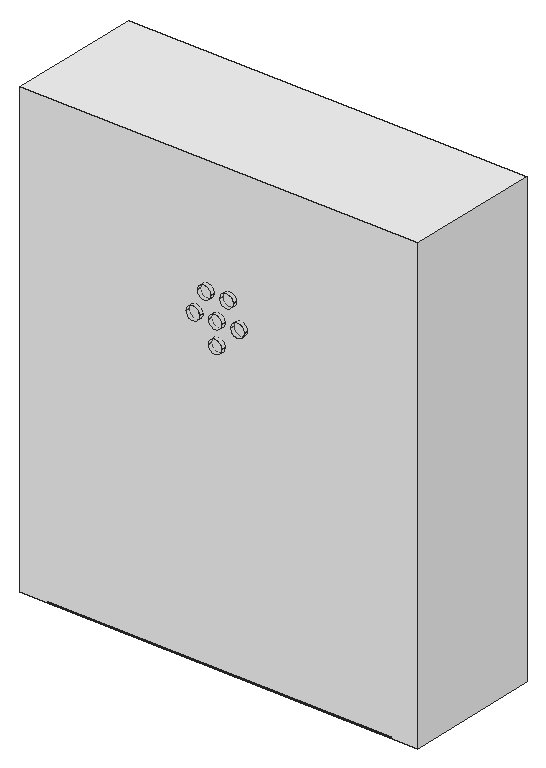
Revit family "НЕВАТОМ_Щит приточно-вытяжной вентиляцией ABUm-PE-1-ZM, Версия 1", category Электрооборудование, Revit 2017
Family settings
  Конфигурация панели = Два столбца, слева направо
  Размер круглого соединителя = Использовать диаметр
  Тип детали = Щит
  На основе рабочей плоскости = Нет
  Всегда вертикально = Да
  При загрузке вырезать с полостями = Нет
  Общий = Нет
  Точка расчета площади = Нет
Parameters (values of type "ABUm-РE-1-ZM-7,5/7,5-120/5")
  Voltage = ""
  НЕВАТОМ_Преобразователь частоты Danfoss, кВт = "ND-051 7,5 кВт для 3 фазы"
  НЕВАТОМ_Ориентировочная мощность двигателя = 7.5 kW
  НЕВАТОМ_Номинальный ток двигателя = 18 A
  НЕВАТОМ_Максимальная мощность нагревателя = 120 kW
  НЕВАТОМ_Количество ступеней нагревателя = 5
  built-in parameter 1140083 [instance] = "металлический"  # constant formula
  ADSK_Размер_Ширина = 300 mm
  ADSK_Размер_Длина = 880 mm
  ADSK_Размер_Высота = 1000 mm
  ADSK_Примечание = ""
  ADSK_Позиция = ""
  ADSK_Напряжение = 380 V
  ADSK_Наименование = "ABUm-РE-1-ZM-7,5/7,5-120/5"
  ADSK_Марка = ADSK_Наименование  # "ABUm-РE-1-ZM-7,5/7,5-120/5"
  ADSK_Количество = 1  # constant formula
  ADSK_Код изделия = ""
  ADSK_Завод-изготовитель = "НЕВАТОМ"  # constant formula
  ADSK_Единица измерения = "шт."  # constant formula
  ADSK_URL документации изделия = ""
Types (27, lengths in mm): name | НЕВАТОМ_Преобразователь частоты Danfoss, кВт | НЕВАТОМ_Ориентировочная мощность двигателя | НЕВАТОМ_Номинальный ток двигателя | НЕВАТОМ_Максимальная мощность нагревателя | НЕВАТОМ_Количество ступеней нагревателя | ADSK_Размер_Ширина | ADSK_Размер_Длина | ADSK_Размер_Высота | ADSK_Наименование | ADSK_Марка
  (no name) | "ND-051 7,5 кВт для 3 фазы" | 7.5 kW | 18 A | 120 kW | 5 | 300 | 880 | 1000 | "ABUm-РE-1-ZM-7,5/7,5-120/5" | "ABUm-РE-1-ZM-7,5/7,5-120/5"
  ABUm-РE-1-ZM-0,35/0,35-4,5/1 | "ND-051 0,37 кВт для 3 фазы" | 0.37 kW | 1.6 A | 4.5 kW | 1 | 200 | 680 | 800 | "ABUm-РE-1-ZM-0,35/0,35-4,5/1" | "ABUm-РE-1-ZM-0,35/0,35-4,5/1"
  ABUm-РE-1-ZM-0,75/0,75-4,5/1 | "ND-051 0,75 кВт для 3 фазы" | 0.75 kW | 2.5 A | 4.5 kW | 1 | 200 | 680 | 800 | "ABUm-РE-1-ZM-0,75/0,75-4,5/1" | "ABUm-РE-1-ZM-0,75/0,75-4,5/1"
  ABUm-РE-1-ZM-0,35/0,35-6/1 | "ND-051 0,37 кВт для 3 фазы" | 0.37 kW | 1.6 A | 6 kW | 1 | 200 | 680 | 800 | "ABUm-РE-1-ZM-0,35/0,35-6/1" | "ABUm-РE-1-ZM-0,35/0,35-6/1"
  ABUm-РE-1-ZM-0,75/0,75-6/1 | "ND-051 0,75 кВт для 3 фазы" | 0.75 kW | 2.5 A | 6 kW | 1 | 200 | 680 | 800 | "ABUm-РE-1-ZM-0,75/0,75-6/1" | "ABUm-РE-1-ZM-0,75/0,75-6/1"
  ABUm-РE-1-ZM-0,35/0,35-7,5/1 | "" | 0 kW | 0 A | 0 kW | 0 | 200 | 680 | 800 | "ABUm-РE-1-ZM-0,35/0,35-7,5/1" | "ABUm-РE-1-ZM-0,35/0,35-7,5/1"
  ABUm-РE-1-ZM-0,75/0,75-7,5/1 | "ND-051 0,75 кВт для 3 фазы" | 0.75 kW | 2.5 A | 7.5 kW | 1 | 200 | 680 | 800 | "ABUm-РE-1-ZM-0,75/0,75-7,5/1" | "ABUm-РE-1-ZM-0,75/0,75-7,5/1"
  ABUm-РE-1-ZM-0,35/0,35-12/2 | "ND-051 0,37 кВт для 3 фазы" | 0.37 kW | 1.6 A | 12 kW | 2 | 200 | 680 | 800 | "ABUm-РE-1-ZM-0,35/0,35-12/2" | "ABUm-РE-1-ZM-0,35/0,35-12/2"
  ABUm-РE-1-ZM-0,75/0,75-12/2 | "ND-051 0,75 кВт для 3 фазы" | 0.75 kW | 2.5 A | 12 kW | 2 | 200 | 680 | 800 | "ABUm-РE-1-ZM-0,75/0,75-12/2" | "ABUm-РE-1-ZM-0,75/0,75-12/2"
  ABUm-РE-1-ZM-0,35/0,35-15/2 | "ND-051 0,37 кВт для 3 фазы" | 0 kW | 0 A | 0 kW | 0 | 200 | 680 | 800 | "ABUm-РE-1-ZM-0,35/0,35-15/2" | "ABUm-РE-1-ZM-0,35/0,35-15/2"
  ABUm-РE-1-ZM-0,75/0,75-15/2 | "ND-051 0,75 кВт для 3 фазы" | 0 kW | 0 A | 0 kW | 0 | 200 | 680 | 800 | "ABUm-РE-1-ZM-0,75/0,75-15/2" | "ABUm-РE-1-ZM-0,75/0,75-15/2"
  ABUm-РE-1-ZM-0,75/0,75-22,5/2 | "ND-051 0,75 кВт для 3 фазы" | 0.75 kW | 2.5 A | 22.5 kW | 2 | 200 | 680 | 800 | "ABUm-РE-1-ZM-0,75/0,75-22,5/2" | "ABUm-РE-1-ZM-0,75/0,75-22,5/2"
  ABUm-РE-1-ZM-1,5/1,5-22,5/2 | "ND-051 1,5 кВт для 3 фазы" | 1.5 kW | 4 A | 22.5 kW | 2 | 200 | 680 | 800 | "ABUm-РE-1-ZM-1,5/1,5-22,5/2" | "ABUm-РE-1-ZM-1,5/1,5-22,5/2"
  ABUm-РE-1-ZM-1,5/1,5-30/2 | "ND-051 1,5 кВт для 3 фазы" | 1.5 kW | 4 A | 30 kW | 2 | 200 | 680 | 800 | "ABUm-РE-1-ZM-1,5/1,5-30/2" | "ABUm-РE-1-ZM-1,5/1,5-30/2"
  ABUm-РE-1-ZM-2,2/2,2-30/2 | "ND-051 2,2 кВт для 3 фазы" | 2.2 kW | 6 A | 30 kW | 2 | 200 | 680 | 800 | "ABUm-РE-1-ZM-2,2/2,2-30/2" | "ABUm-РE-1-ZM-2,2/2,2-30/2"
  ABUm-РE-1-ZM-1,5/1,5-37,5/3 | "ND-051 1,5 кВт для 3 фазы" | 1.5 kW | 4 A | 37.5 kW | 3 | 200 | 680 | 800 | "ABUm-РE-1-ZM-1,5/1,5-37,5/3" | "ABUm-РE-1-ZM-1,5/1,5-37,5/3"
  ABUm-РE-1-ZM-2,2/2,2-37,5/3 | "ND-051 2,2 кВт для 3 фазы" | 2.2 kW | 6 A | 37.5 kW | 3 | 200 | 680 | 800 | "ABUm-РE-1-ZM-2,2/2,2-37,5/3" | "ABUm-РE-1-ZM-2,2/2,2-37,5/3"
  ABUm-РE-1-ZM-2,2/2,2-45/3 | "ND-051 2,2 кВт для 3 фазы" | 2.2 kW | 6 A | 45 kW | 3 | 200 | 680 | 800 | "ABUm-РE-1-ZM-2,2/2,2-45/3" | "ABUm-РE-1-ZM-2,2/2,2-45/3"
  ABUm-РE-1-ZM-4,0/4,0-45/3 | "ND-051 4,0 кВт для 3 фазы" | 0 kW | 0 A | 0 kW | 3 | 200 | 680 | 800 | "ABUm-РE-1-ZM-4,0/4,0-45/3" | "ABUm-РE-1-ZM-4,0/4,0-45/3"
  ABUm-РE-1-ZM-4,0/4,0-60/4 | "ND-051 4,0 кВт для 3 фазы" | 4 kW | 10 A | 60 kW | 4 | 200 | 680 | 800 | "ABUm-РE-1-ZM-4,0/4,0-60/4" | "ABUm-РE-1-ZM-4,0/4,0-60/4"
  ABUm-РE-1-ZM-4,0/4,0-75/5 | "ND-051 4,0 кВт для 3 фазы" | 4 kW | 10 A | 75 kW | 5 | 300 | 880 | 1000 | "ABUm-РE-1-ZM-4,0/4,0-75/5" | "ABUm-РE-1-ZM-4,0/4,0-75/5"
  ABUm-РE-1-ZM-5,5/5,5-75/5 | "ND-051 5,5 кВт для 3 фазы" | 0 kW | 0 A | 0 kW | 0 | 300 | 880 | 1000 | "ABUm-РE-1-ZM-5,5/5,5-75/5" | "ABUm-РE-1-ZM-5,5/5,5-75/5"
  ABUm-РE-1-ZM-5,5/5,5-90/5 | "ND-051 5,5 кВт для 3 фазы" | 5.5 kW | 13 A | 90 kW | 5 | 300 | 880 | 1000 | "ABUm-РE-1-ZM-5,5/5,5-90/5" | "ABUm-РE-1-ZM-5,5/5,5-90/5"
  ABUm-РE-1-ZM-7,5/7,5-90/5 | "ND-051 7,5 кВт для 3 фазы" | 7.5 kW | 18 A | 90 kW | 5 | 300 | 880 | 1000 | "ABUm-РE-1-ZM-7,5/7,5-90/5" | "ABUm-РE-1-ZM-7,5/7,5-90/5"
  ABUm-РE-1-ZM-7,5/7,5-120/5 | "ND-051 7,5 кВт для 3 фазы" | 7.5 kW | 18 A | 120 kW | 5 | 300 | 880 | 1000 | "ABUm-РE-1-ZM-7,5/7,5-120/5" | "ABUm-РE-1-ZM-7,5/7,5-120/5"
  ABUm-РE-1-ZM-15/15-120/5 | "ND-051 15 кВт для 3 фазы" | 15 kW | 32 A | 120 kW | 5 | 300 | 880 | 1000 | "ABUm-РE-1-ZM-15/15-120/5" | "ABUm-РE-1-ZM-15/15-120/5"
  ABUm-РE-1-ZM-5,5/5,5-60/4 | "ND-051 5,5 кВт для 3 фазы" | 5.5 kW | 13 A | 60 kW | 4 | 200 | 680 | 800 | "ABUm-РE-1-ZM-5,5/5,5-60/4" | "ABUm-РE-1-ZM-5,5/5,5-60/4"
Reference planes
  plane 1 "По центру (Вперед/Назад)": y = 0
  plane 2: z = 0
  plane 3 "По центру (Влево/Вправо)": x = 0
  plane 4: y = 150
  plane 5: y = -150
  plane 6: x = -440
  plane 7: x = 440
  plane 8: z = 1000
Forms (mm)
  Extrusion 1, solid, material "Условный материал-отделка"
    sketch origin (0, 0, 0) x (1, 0, 0) y (0, 1, 0)
      loop
        line (-440, 150) -> (-440, -150) -> (440, -150) -> (440, 150) -> (-440, 150)
    from 0 to 1000
  Extrusion 2, solid
    sketch origin (-495, 0, 0) x (1, 0, 0) y (0, 1, 0)
      loop
        line (116.585, 110) -> (116.585, -150) -> (874.424, -150) -> (874.424, 110) -> (116.585, 110)
    from 0 to 2
  Extrusion 3, solid, not visible
    sketch origin (0, 0, -55) x (1, 0, 0) y (0, 0, 1)
      loop
        circle (0, 596.548) r 15
    from 100 to 110
  Extrusion 4, solid, not visible
    sketch origin (45, 0, -55) x (1, 0, 0) y (0, 0, 1)
      loop
        circle (0, 596.548) r 15
    from 100 to 110
  Extrusion 5, solid, not visible
    sketch origin (-45, 0, -55) x (-1, 0, 0) y (0, 0, -1)
      loop
        circle (0, -596.548) r 15
    from 100 to 110
  Extrusion 6, solid, not visible
    sketch origin (0, 0, -110) x (1, 0, 0) y (0, 0, 1)
      loop
        circle (0, 596.548) r 15
    from 100 to 110
  Extrusion 7, solid, not visible
    sketch origin (45, 0, -110) x (1, 0, 0) y (0, 0, 1)
      loop
        circle (0, 596.548) r 15
    from 100 to 110
  Extrusion 8, solid, not visible
    sketch origin (-45, 0, -110) x (-1, 0, 0) y (0, 0, -1)
      loop
        circle (0, -596.548) r 15
    from 100 to 110
  Extrusion 9, solid, not visible
    sketch origin (100, 0, -110) x (1, 0, 0) y (0, 0, 1)
      loop
        circle (0, 596.548) r 15
    from 100 to 110
  Extrusion 10, solid, not visible
    sketch origin (-100, 0, -110) x (-1, 0, 0) y (0, 0, -1)
      loop
        circle (0, -596.548) r 15
    from 100 to 110
  Extrusion 11, solid, not visible
    sketch origin (30.372, 0, -158.754) x (1, 0, 0) y (0, 0, 1)
      loop
        circle (0, 596.548) r 15
    from 100 to 110
  Extrusion 12, solid, not visible
    sketch origin (-30.372, 0, -158.754) x (-1, 0, 0) y (0, 0, -1)
      loop
        circle (0, -596.548) r 15
    from 100 to 110
  Extrusion 13, solid, not visible
    sketch origin (30.372, 0, -208.754) x (1, 0, 0) y (0, 0, 1)
      loop
        circle (0, 596.548) r 15
    from 100 to 110
  Extrusion 14, solid, not visible
    sketch origin (-30.372, 0, -208.754) x (-1, 0, 0) y (0, 0, -1)
      loop
        circle (0, -596.548) r 15
    from 100 to 110
  Extrusion 15, solid, material "Стекло"
    sketch origin (25, 0, 0) x (1, 0, 0) y (0, 0, 1)
      loop
        circle (0, 742.901) r 15
    from 150 to 160
  Extrusion 16, solid, material "Стекло"
    sketch origin (25, 0, 0) x (-1, 0, 0) y (0, 0, -1)
      loop
        circle (49.336, -742.623) r 15
    from 150 to 160
  Extrusion 17, solid, material "Стекло"
    sketch origin (-49.336, 0, -50) x (-1, 0, 0) y (0, 0, -1)
      loop
        circle (0, -742.901) r 15
    from 150 to 160
  Extrusion 18, solid, material "Стекло"
    sketch origin (49.336, 0, -50) x (1, 0, 0) y (0, 0, 1)
      loop
        circle (0, 742.901) r 15
    from 150 to 160
  Extrusion 19, solid, material "Стекло"
    sketch origin (49.336, 0, -50) x (-1, 0, 0) y (0, 0, -1)
      loop
        circle (49.336, -742.623) r 15
    from 150 to 160
  Extrusion 20, solid, material "Стекло"
    sketch origin (0, 0, -99.336) x (1, 0, 0) y (0, 0, 1)
      loop
        circle (0, 742.901) r 15
    from 150 to 160
Dimensions and locks
  equal spacing: plane 6, plane 3 "По центру (Влево/Вправо)", plane 7
  equal spacing: plane 4, plane 1 "По центру (Вперед/Назад)", plane 5
  "ADSK_Размер_Ширина": plane 4 to plane 5
  "ADSK_Размер_Длина": plane 6 to plane 7
  "ADSK_Размер_Высота": plane 8 to level
  locked: Extrusion 1 to Extrusion 15 at 10
  locked: Extrusion 1 to Extrusion 16 at 10
  locked: Extrusion 1 to Extrusion 17 at 10  (x7)
  locked: Extrusion 19 to Extrusion 19 at 10  (x3)
  locked: Extrusion 18 to Extrusion 1 at 10
  locked: Extrusion 1 to Extrusion 20 at 10
  radius of Extrusion 3 sketch curve = 15 mm
  radius of Extrusion 4 sketch curve = 15 mm
  radius of Extrusion 5 sketch curve = 15 mm
  radius of Extrusion 6 sketch curve = 15 mm
  radius of Extrusion 7 sketch curve = 15 mm
  radius of Extrusion 8 sketch curve = 15 mm
  radius of Extrusion 9 sketch curve = 15 mm
  radius of Extrusion 10 sketch curve = 15 mm
  radius of Extrusion 11 sketch curve = 15 mm
  radius of Extrusion 12 sketch curve = 15 mm
  radius of Extrusion 13 sketch curve = 15 mm
  radius of Extrusion 14 sketch curve = 15 mm
  aligned and locked: level to plane 2
  aligned and locked: Extrusion 1 sketch curve to plane 4
  aligned and locked: plane 7 to Extrusion 1 sketch curve
  aligned and locked: Extrusion 1 sketch curve to plane 6
  aligned and locked: Extrusion 1 to plane 5
  aligned and locked: Extrusion 1 to plane 8
  aligned and locked: plane 5 to Extrusion 15
  aligned and locked: Extrusion 16 to plane 5
  aligned and locked: Extrusion 17 to plane 5
  aligned and locked: Extrusion 2 to plane 5
  aligned and locked: plane 5 to Extrusion 19
  aligned and locked: plane 5 to Extrusion 18
  aligned and locked: nested 1 to plane 6
  aligned and locked: plane 5 to Extrusion 20
Automatic sketch dimensions
  Extrusion 1 sketch curve to plane 5 = 0 mm
  Extrusion 2 sketch curve to plane 5 = 0 mm
  Extrusion 2 sketch curve to plane 6 = 61.585 mm
  plane 7 to Extrusion 2 sketch curve = 60.576 mm
  Extrusion 2 sketch curve to plane 4 = 40 mm
  plane 3 "По центру (Влево/Вправо)" to Extrusion 15 sketch curve = 25 mm
  plane 8 to Extrusion 15 sketch curve = 257.099 mm
  plane 3 "По центру (Влево/Вправо)" to Extrusion 16 sketch curve = 24.336 mm
  Extrusion 16 sketch curve to plane 8 = 257.377 mm
  plane 3 "По центру (Влево/Вправо)" to Extrusion 17 sketch curve = 49.336 mm
  Extrusion 17 sketch curve to plane 8 = 307.099 mm
  plane 3 "По центру (Влево/Вправо)" to Extrusion 18 sketch curve = 49.336 mm
  plane 8 to Extrusion 18 sketch curve = 307.099 mm
  Extrusion 19 sketch curve to plane 3 "По центру (Влево/Вправо)" = 0 mm
  Extrusion 19 sketch curve to plane 8 = 307.377 mm
  Extrusion 20 sketch curve to plane 3 "По центру (Влево/Вправо)" = 0 mm
  plane 8 to Extrusion 20 sketch curve = 356.435 mm
  radius of Extrusion 15 sketch curve = 15 mm
  radius of Extrusion 16 sketch curve = 15 mm
  radius of Extrusion 17 sketch curve = 15 mm
  radius of Extrusion 18 sketch curve = 15 mm
  radius of Extrusion 19 sketch curve = 15 mm
  radius of Extrusion 20 sketch curve = 15 mm
Nested families
  nested 1: "НЕВАТОМ_Радиатор 3SSR" at (-480, 0, 600) x (0, 1, 0) z (0, 0, 1), type "Радиатор для 3-фазного твердотельного реле 3SSR"
Connectors
  electrical at (0.504, -20, 2), driven by "ADSK_Напряжение"
    settings: on Extrusion 2, index 1, voltage 380 V, apparent load 0 VA, apparent load phase1 0 VA, apparent load phase2 0 VA, apparent load phase3 0 VA, power factor 1, load classification "Прочее", number of poles 1, system type 31, power factor state 1, is connector primary yes, connector utility no, sub classification motor no, connector description ""
Definition of nested family "НЕВАТОМ_Радиатор 3SSR"
  Parameters (values of type "Радиатор для 3-фазного твердотельного реле 3SSR")
    Default Elevation = 1219.2 mm
    Материал = none
    ADSK_Позиция = ""
    ADSK_Обозначение = ""
    ADSK_Наименование = "Радиатор 3SSR"  # constant formula
    ADSK_Материал наименование = ""
    ADSK_Масса = 0
    ADSK_Количество = 1
    ADSK_Код изделия = ""
    ADSK_Завод-изготовитель = "ARK7"  # constant formula
    ADSK_Единица измерения = "шт."  # constant formula
    ADSK_URL страницы изделия = ""
  Reference planes
    plane 1 "По центру (Вперед/Назад)": y = 0
    plane 2: z = 0
    plane 3 "По центру (Влево/Вправо)": x = 0
  Forms (mm)
    Extrusion 1, solid, material <- "Материал"
      sketch origin (0, 0, 0) x (1, 0, 0) y (0, 1, 0)
        loop
          line (-10.033, 35.034) -> (-10.033, -35) -> (10.025, -35) -> (10.025, 35.034) -> (-10.033, 35.034)
        loop
          line (-15.033, 35.034) -> (-15.033, 24.073) -> (-39.49, 24.073) -> (-39.49, 22.049) -> (-15.033, 22.049) -> (-15.033, 12.535) -> (-39.49, 12.535) -> (-39.49, 10.54) -> (-15.033, 10.54) -> (-15.033, 1.009) -> (-39.49, 1.009) -> (-39.49, -1.015) -> (-15.033, -1.015) -> (-15.033, -10.551) -> (-39.49, -10.551) -> (-39.49, -12.512) -> (-15.033, -12.512) -> (-15.033, -22.046) -> (-39.49, -22.046) -> (-39.49, -24.001) -> (-15.033, -24.001) -> (-15.033, -35) -> (-32.013, -35) -> (-32.013, -33.017) -> (-40, -33.017) -> (-40, -35) -> (-50, -35) -> (-50, -40) -> (50, -40) -> (50, -35) -> (40, -35) -> (40, -33.017) -> (32.031, -33.017) -> (32.031, -35) -> (15.025, -35) -> (15.025, -24.001) -> (39.545, -24.001) -> (39.545, -22.046) -> (15.025, -22.046) -> (15.025, -12.512) -> (39.545, -12.512) -> (39.545, -10.551) -> (15.025, -10.551) -> (15.025, -1.015) -> (39.545, -1.015) -> (39.545, 1.009) -> (15.025, 1.009) -> (15.025, 10.54) -> (39.545, 10.54) -> (39.545, 12.535) -> (15.025, 12.535) -> (15.025, 22.049) -> (39.545, 22.049) -> (39.545, 24.073) -> (15.025, 24.073) -> (15.025, 35.034) -> (40, 35.034) -> (40, 40) -> (-40, 40) -> (-40, 35.034) -> (-15.033, 35.034)
        loop
          circle (-36.032, -35.776) r 1.572
        loop
          circle (36.007, -35.816) r 1.634
        loop
          circle (35.983, 36.776) r 1.181
        loop
          circle (-35.971, 36.769) r 1.244
      from 0 to 105
  Lines and regions (mm)
    reference lines
      curve 1: line (0, -40, 0) -> (-50, -40, 0)
      curve 2: line (0, -40, 0) -> (50, -40, 0)
      curve 3: line (-50, -40, 0) -> (-50, -35, 0)
      curve 4: line (-50, -35, 0) -> (-40, -35, 0)
      curve 5: line (-40, -35, 0) -> (-40, -33.017, 0)
      curve 6: line (-40, -33.017, 0) -> (-32.013, -33.017, 0)
      curve 7: line (-32.013, -33.017, 0) -> (-32.013, -35, 0)
      curve 8: line (-32.013, -35, 0) -> (-15.033, -35, 0)
      curve 9: line (50, -40, 0) -> (50, -35, 0)
      curve 10: line (50, -35, 0) -> (40, -35, 0)
      curve 11: line (40, -35, 0) -> (40, -33.017, 0)
      curve 12: line (40, -33.017, 0) -> (32.031, -33.017, 0)
      curve 13: line (32.031, -33.017, 0) -> (32.031, -35, 0)
      curve 14: line (32.031, -35, 0) -> (15.025, -35, 0)
      curve 15: line (-15.033, -35, 0) -> (-15.033, -24.001, 0)
      curve 16: line (15.025, -35, 0) -> (15.025, -24.001, 0)
      curve 17: line (-15.033, -24.001, 0) -> (-39.49, -24.001, 0)
      curve 18: line (-39.49, -24.001, 0) -> (-39.49, -22.046, 0)
      curve 19: line (-39.49, -22.046, 0) -> (-15.033, -22.046, 0)
      curve 20: line (15.025, -24.001, 0) -> (39.545, -24.001, 0)
      curve 21: line (39.545, -24.001, 0) -> (39.545, -22.046, 0)
      curve 22: line (39.545, -22.046, 0) -> (15.025, -22.046, 0)
      curve 23: line (-15.033, -22.046, 0) -> (-15.033, -12.512, 0)
      curve 24: line (-15.033, -12.512, 0) -> (-39.49, -12.512, 0)
      curve 25: line (-39.49, -12.512, 0) -> (-39.49, -10.551, 0)
      curve 26: line (-39.49, -10.551, 0) -> (-15.033, -10.551, 0)
      curve 27: line (15.025, -22.046, 0) -> (15.025, -12.512, 0)
      curve 28: line (15.025, -12.512, 0) -> (39.545, -12.512, 0)
      curve 29: line (39.545, -12.512, 0) -> (39.545, -10.551, 0)
      curve 30: line (39.545, -10.551, 0) -> (15.025, -10.551, 0)
      curve 31: line (-15.033, -10.551, 0) -> (-15.033, -1.015, 0)
      curve 32: line (-15.033, -1.015, 0) -> (-39.49, -1.015, 0)
      curve 33: line (-39.49, -1.015, 0) -> (-39.49, 1.009, 0)
      curve 34: line (-39.49, 1.009, 0) -> (-15.033, 1.009, 0)
      curve 35: line (15.025, -10.551, 0) -> (15.025, -1.015, 0)
      curve 36: line (15.025, -1.015, 0) -> (39.545, -1.015, 0)
      curve 37: line (39.545, -1.015, 0) -> (39.545, 1.009, 0)
      curve 38: line (39.545, 1.009, 0) -> (15.025, 1.009, 0)
      curve 39: line (-15.033, 1.009, 0) -> (-15.033, 10.54, 0)
      curve 40: line (-15.033, 10.54, 0) -> (-39.49, 10.54, 0)
      curve 41: line (-39.49, 10.54, 0) -> (-39.49, 12.535, 0)
      curve 42: line (-39.49, 12.535, 0) -> (-15.033, 12.535, 0)
      curve 43: line (15.025, 1.009, 0) -> (15.025, 10.54, 0)
      curve 44: line (15.025, 10.54, 0) -> (39.545, 10.54, 0)
      curve 45: line (39.545, 10.54, 0) -> (39.545, 12.535, 0)
      curve 46: line (39.545, 12.535, 0) -> (15.025, 12.535, 0)
      curve 47: line (-15.033, 12.535, 0) -> (-15.033, 22.049, 0)
      curve 48: line (-15.033, 22.049, 0) -> (-39.49, 22.049, 0)
      curve 49: line (-39.49, 22.049, 0) -> (-39.49, 24.073, 0)
      curve 50: line (-39.49, 24.073, 0) -> (-15.033, 24.073, 0)
      curve 51: line (15.025, 12.535, 0) -> (15.025, 22.049, 0)
      curve 52: line (15.025, 22.049, 0) -> (39.545, 22.049, 0)
      curve 53: line (39.545, 22.049, 0) -> (39.545, 24.073, 0)
      curve 54: line (39.545, 24.073, 0) -> (15.025, 24.073, 0)
      curve 55: line (-15.033, 24.073, 0) -> (-15.033, 35.034, 0)
      curve 56: line (15.025, 24.073, 0) -> (15.025, 35.034, 0)
      curve 57: line (-15.033, 35.034, 0) -> (-40, 35.034, 0)
      curve 58: line (-40, 35.034, 0) -> (-40, 40, 0)
      curve 59: line (-40, 40, 0) -> (40, 40, 0)
      curve 60: line (40, 40, 0) -> (40, 35.034, 0)
      curve 61: line (40, 35.034, 0) -> (15.025, 35.034, 0)
      curve 62: line (-10.033, 35.034, 0) -> (10.025, 35.034, 0)
      curve 63: line (-10.033, 35.034, 0) -> (-10.033, -35, 0)
      curve 64: line (-10.033, -35, 0) -> (10.025, -35, 0)
      curve 65: line (10.025, -35, 0) -> (10.025, 35.034, 0)
      curve 66: circle (-36.032, -35.776, 0) r 1.572 normal (0, 0, 1)
      curve 67: circle (36.007, -35.816, 0) r 1.634 normal (0, 0, 1)
      curve 68: circle (-35.971, 36.769, 0) r 1.244 normal (0, 0, 1)
      curve 69: circle (35.983, 36.776, 0) r 1.181 normal (0, 0, 1)
  Dimensions and locks
    aligned and locked: level to plane 2
